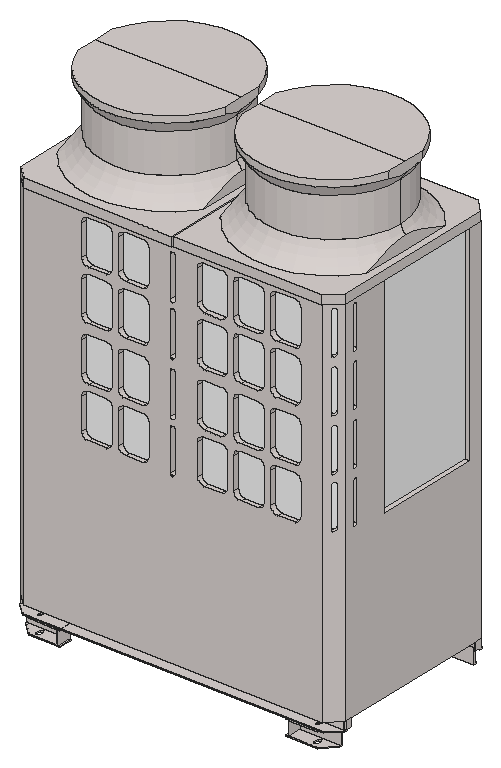
Revit family "PURY-EP450YNW-A1", category 機械設備, Revit 2016 (continued)
Dimensions and locks
  curve 88 to cut or joined group 1 (Extrusion 1, Extrusion 2, Extrusion 3, Extrusion 4, Extrusion 5, Extrusion 6, Extrusion 7, Extrusion 8, Extrusion 9, Extrusion 10, Extrusion 11, Extrusion 12, Extrusion 13, Extrusion 14, Extrusion 15, Extrusion 16, Extrusion 17, Extrusion 18, Extrusion 19, Extrusion 20, Extrusion 21, Extrusion 22, Extrusion 23, Extrusion 24, Extrusion 25, Extrusion 26, Extrusion 27, Extrusion 28, Extrusion 29, Extrusion 30, Extrusion 31, Extrusion 32, Extrusion 33) = 172.000 mm
  curve 89 to cut or joined group 1 = 216.000 mm
  cut or joined group 1 to curve 4 to curve 2 = 128.000 mm, 150.000 mm
  cut or joined group 1 to curve 1 to curve 3 = 79.000 mm, 94.000 mm
  Extrusion 32 sketch curve to nested 7 = 116.000 mm
  cut or joined group 1 to Extrusion 32 sketch curve = 160.000 mm
  cut or joined group 1 to Extrusion 33 sketch curve = 243.000 mm
  Extrusion 33 sketch curve to nested 7 = 116.000 mm
  aligned and locked: level to plane 2
  aligned and locked: Extrusion 1 to plane 4
Nested families
  nested 1: "FAN GUARD" at (-311.5, 0, 860), type "FAN GUARD"
    with WIDTH 870.000 mm
  nested 2: "FAN GUARD" at (311.5, 0, 860) x (-1, 0, 0) z (0, 0, 1), type "FAN GUARD"
    with WIDTH 870.000 mm
  nested 3: "ATTACHMENT LEG" at (-524, -349, 0), type "ATTACHMENT LEG"
  nested 4: "ATTACHMENT LEG" at (-524, 349, 0), type "ATTACHMENT LEG"
  nested 5: "ATTACHMENT LEG" at (524, -349, 0) x (-1, 0, 0) z (0, 0, 1), type "ATTACHMENT LEG"
  nested 6: "ATTACHMENT LEG" at (524, 349, 0) x (-1, 0, 0) z (0, 0, 1), type "ATTACHMENT LEG"
  nested 7: "BASE LEG_L_" at (0, -352, 60), type "BASE LEG_L_"
    with Width 1240.000 mm
  nested 8: "BASE LEG_L_" at (0, 352, 60), type "BASE LEG_L_"
    with Width 1240.000 mm
Connectors
  piping at (-460, -191, 176), diameter 22.2, driven by "High pressure pipe_radius"
    settings: on cut or joined group 1, index 3, connector inside diameter 22.2 mm, connector length 0.000 mm, flow factor 0, pipe flow 0.0 L/s, pressure drop 0.0 Pa, fitting loss kfactor 0, connector angle 0.00°, fixture units 0, engagement length 0.000 mm, angle of deflection 0.00°, flow configuration 0, flow direction 0, fitting loss method 0, system type 22, joint type 0, gender type 0, connector reference index -1, connector utility 0, adjustable connector no, is connector primary yes, connector description "Refrigerant service valve<High pressure>"
  piping at (-377, -191, 176), diameter 28.58, driven by "Low pressure pipe_radius"
    settings: on cut or joined group 1, index 4, connector inside diameter 28.58 mm, connector length 0.000 mm, flow factor 0, pipe flow 0.0 L/s, pressure drop 0.0 Pa, fitting loss kfactor 0, connector angle 0.00°, fixture units 0, engagement length 0.000 mm, angle of deflection 0.00°, flow configuration 0, flow direction 0, fitting loss method 0, system type 22, joint type 0, gender type 0, connector reference index -1, connector utility 0, adjustable connector no, is connector primary no, connector description "Refrigerant service valve<Low pressure>"
  electrical at (0, -370, 808), driven by "Phase", driven by "Voltage"
    settings: on cut or joined group 1, index 5, voltage 415 V, apparent load 0 VA, apparent load phase1 0 VA, apparent load phase2 0 VA, apparent load phase3 0 VA, power factor 1, load classification "HVAC", number of poles 3, system type 30, power factor state 1, is connector primary yes, connector utility no, sub classification motor no, connector description ""
Definition of nested family "FAN GUARD"
  Parameters
    WIDTH [instance] = 870.000 mm
  Reference planes
    plane 1 "中心(正面/背面)": y = 0
    plane 2: z = 0
    plane 3 "ファンガード基準面": z = 661
    plane 4: y = 368
    plane 5: x = 366
    plane 6: x = -375
    plane 7 "ファンガード基準上面": z = 695
    plane 8 "ファンガード上面": z = 998
    plane 9: x = -273.971
    plane 10: x = 308.5
    plane 11: x = -308.5
    plane 12: x = 0
  Forms (mm)
    Extrusion 1, solid
      sketch origin (85, 0, 661) x (-1, 0, 0) y (0, -1, 0)
        loop
          line (343.5, -368) -> (393.5, -318) -> (393.5, 322) -> (342.5, 373) -> (-223.5, 373) -> (-223.5, -368) -> (343.5, -368)
      from 0 to 34
    Revolve 2, solid
      sketch origin (0, 0, 0) x (1, 0, 0) y (0, 0, 1)
        loop
          line (0, 695) -> (0, 998) -> (-290, 998) -> (-290, 972.327) -> (-260, 928.372) -> (-260, 777.384)
          arc (-260, 777.384) -> (-290.651, 730.137) -> (-334.665, 695) r 175.882
          line (-334.665, 695) -> (0, 695)
        axis (0, 998) -> (0, 695)
      angle from 0 to 360
    Extrusion 3, void
      sketch origin (-840, 75, 695) x (-1, 0, 0) y (0, -1, 0)
        loop
          line (-410, -165) -> (-410, 315) -> (-561.253, 315) -> (-561.253, -165) -> (-410, -165)
      from -35 to 430.592
    Extrusion 4, void
      sketch origin (840, 75, 695) x (1, 0, 0) y (0, 1, 0)
        loop
          line (-410, 165) -> (-561.253, 165) -> (-561.253, -315) -> (-410, -315) -> (-410, 165)
      from 0 to 430.592
  Cuts and joins
    Extrusion 3, Extrusion 4 cuts Revolve 2
    Extrusion 4 cuts Extrusion 1
  Lines and regions (mm)
    model lines
      curve 1: line (-278.747, 0, 998) -> (-80, 0, 998)
      curve 2: line (80, 0, 998) -> (278.747, 0, 998)
      curve 3: circle (0, 0, 998) r 80 normal (0, 0, 1)
      curve 4: line (-278.747, -80, 998) -> (278.747, -80, 998)
      curve 5: line (-241.868, -160, 998) -> (241.868, -160, 998)
      curve 6: line (-162.788, -240, 998) -> (162.788, -240, 998)
      curve 7: line (-278.747, 80, 998) -> (278.747, 80, 998)
      curve 8: line (-241.868, 160, 998) -> (240, 160, 998)
      curve 9: line (-160, 240, 998) -> (162.788, 240, 998)
      curve 10: line (0, 290, 998) -> (0, -290, 998)
      curve 11: line (-20, 289.31, 998) -> (-20, -289.31, 998)
      curve 12: line (-40, 287.228, 998) -> (-40, -287.228, 998)
      curve 13: line (-60, 283.725, 998) -> (-60, -283.725, 998)
      curve 14: line (-80, 278.747, 998) -> (-80, -278.747, 998)
      curve 15: line (20, 289.31, 998) -> (20, -289.31, 998)
      curve 16: line (40, 287.228, 998) -> (40, -287.228, 998)
      curve 17: line (60, 283.725, 998) -> (60, -283.725, 998)
      curve 18: line (80, 278.747, 998) -> (80, -278.747, 998)
      curve 19: line (100, 272.213, 998) -> (100, -272.213, 998)
      curve 20: line (120, 264.008, 998) -> (120, -264.008, 998)
      curve 21: line (140, 253.969, 998) -> (140, -253.969, 998)
      curve 22: line (160, 241.868, 998) -> (160, -243.132, 998)
      curve 23: line (180, 227.376, 998) -> (180, -227.624, 998)
      curve 24: line (200, 210, 998) -> (200, -210, 998)
      curve 25: line (220, 188.944, 998) -> (220, -188.944, 998)
      curve 26: line (240, 160, 998) -> (240, -162.788, 998)
      curve 27: line (260, 128.452, 998) -> (260, -128.452, 998)
      curve 28: line (-100, 272.213, 998) -> (-100, -272.213, 998)
      curve 29: line (-120, 264.008, 998) -> (-120, -264.008, 998)
      curve 30: line (-140, 253.969, 998) -> (-140, -253.969, 998)
      curve 31: line (-160, 240, 998) -> (-160, -241.868, 998)
      curve 32: line (-180, 227.376, 998) -> (-180, -227.376, 998)
      curve 33: line (-200, 210, 998) -> (-200, -210, 998)
      curve 34: line (-220, 188.944, 998) -> (-220, -188.944, 998)
      curve 35: line (-240, 162.788, 998) -> (-240, -162.788, 998)
      curve 36: line (-260, 128.452, 998) -> (-260, -128.452, 998)
      curve 37: line (10, 79.373, 998) -> (10, -79.373, 998)
      curve 38: line (-10, 79.373, 998) -> (-10, -79.373, 998)
      curve 39: line (30, 74.162, 998) -> (30, -74.162, 998)
      curve 40: line (50, 62.45, 998) -> (50, -62.45, 998)
      curve 41: line (70, 38.73, 998) -> (70, -38.73, 998)
      curve 42: line (-30, 74.162, 998) -> (-30, -74.162, 998)
      curve 43: line (-50, 62.45, 998) -> (-50, -62.45, 998)
      curve 44: line (-70, 38.73, 998) -> (-70, -38.73, 998)
  Dimensions and locks
    locked: plane 8 "ファンガード上面" to plane 7 "ファンガード基準上面" at 303
    plane 8 "ファンガード上面" to plane 3 "ファンガード基準面" = 337.000 mm
    Revolve 2 sketch curve to Revolve 2 sketch curve = 290.000 mm
    Extrusion 1 sketch curve to Extrusion 1 sketch curve = 741.000 mm
    equal spacing: Extrusion 1 sketch curve, plane 1 "中心(正面/背面)", Extrusion 1 sketch curve
    plane 6 to plane 5 = 741.000 mm
    Extrusion 1 sketch curve to Extrusion 1 sketch curve = 617.000 mm
    plane 11 to plane 10 = 617.000 mm
    cut or joined group of Extrusion 1, Extrusion 4 to cut or joined group of Extrusion 1, Extrusion 4 = 617.000 mm
    cut or joined group of Extrusion 1, Extrusion 4 to cut or joined group of Extrusion 1, Extrusion 4 = 741.000 mm
    aligned and locked: level to plane 2
    aligned and locked: plane 7 "ファンガード基準上面" to Extrusion 1
    aligned and locked: plane 3 "ファンガード基準面" to Extrusion 1
    aligned and locked: cut or joined group of Revolve 2, Extrusion 3, Extrusion 4 to plane 8 "ファンガード上面"
Definition of nested family "ATTACHMENT LEG"
  Parameters
    Width = 145.000 mm
  Reference planes
    plane 1: z = 0
    plane 2 "中心(左/右)": x = -6
    plane 3: x = -52
    plane 4: x = 85
    plane 5: x = 93
    plane 6: y = -21
    plane 7: y = 27
    plane 8: x = -30
    plane 9: y = 39
    plane 10: z = 60
    plane 11: z = 57
    plane 12: z = 3
    plane 13: x = 82
    plane 14: y = 36
    plane 15: x = -75
    plane 16: y = 31
    plane 17 "幅": x = 93
    plane 18: y = 2.5
    plane 19: y = 21
    plane 20: y = -10
  Forms (mm)
    Extrusion 1, solid
      sketch origin (0, -1, 0) x (1, 0, 0) y (0, 1, 0)
        loop
          line (-75, 36) -> (-75, 27) -> (-28, -20) -> (93, -20) -> (93, 32) -> (85, 32) -> (85, 36) -> (-75, 36)
      from 0 to 60
    Extrusion 2, void
      sketch origin (0, -3, 0) x (1, 0, 0) y (0, 0, 1)
        loop
          line (-75, 57) -> (-75, 3) -> (82, 3) -> (82, 57) -> (-75, 57)
        loop
          line (93, 57) -> (85, 57) -> (85, 3) -> (93, 3) -> (93, 57)
      from -35 to 18
    Extrusion 3, void
      sketch origin (-6, 5.5, 0) x (1, 0, 0) y (0, 1, 0)
        loop
          arc (-7, -8.5) -> (0, -15.5) -> (7, -8.5) r 7
          line (7, -8.5) -> (7, 8.5)
          arc (7, 8.5) -> (0, 15.5) -> (-7, 8.5) r 7
          line (-7, 8.5) -> (-7, -8.5)
      from 0 to 60
  Cuts and joins
    Extrusion 2, Extrusion 3 cuts Extrusion 1
  Dimensions and locks
    locked: plane 3 to plane 4 at 137
    locked: plane 3 to plane 5 at 145
    plane 6 to plane 7 = 48.000 mm
    locked: plane 10 to level at 60
    Extrusion 3 sketch curve to plane 2 "中心(左/右)" = 7.000 mm
    locked: plane 15 to plane 2 "中心(左/右)" at 69
    locked: plane 15 to plane 8 at 45
    locked: plane 6 to plane 18 at 23.5
    cut or joined group of Extrusion 1, Extrusion 2, Extrusion 3 to cut or joined group of Extrusion 1, Extrusion 2, Extrusion 3 = 168.000 mm
    cut or joined group of Extrusion 1, Extrusion 2, Extrusion 3 to cut or joined group of Extrusion 1, Extrusion 2, Extrusion 3 = 56.000 mm  (x2)
    plane 14 to plane 6 = 57.000 mm
    aligned and locked: level to plane 1
    aligned and locked: Extrusion 1 sketch curve to plane 4
    aligned and locked: Extrusion 1 sketch curve to plane 5
    aligned: plane 8 to Extrusion 1 sketch curve
    aligned and locked: plane 10 to Extrusion 1
    aligned and locked: Extrusion 2 sketch curve to plane 11
    aligned: plane 3 to Extrusion 2 sketch curve
    aligned and locked: plane 12 to Extrusion 2 sketch curve
    aligned and locked: Extrusion 2 sketch curve to plane 13
    aligned and locked: plane 6 to Extrusion 2
    aligned and locked: plane 11 to Extrusion 2 sketch curve
    aligned and locked: plane 5 to Extrusion 2 sketch curve
    aligned and locked: Extrusion 2 sketch curve to plane 12
    aligned and locked: Extrusion 2 sketch curve to plane 4
    aligned and locked: plane 15 to Extrusion 1 sketch curve
    aligned and locked: Extrusion 2 sketch curve to cut or joined group of Extrusion 1, Extrusion 2, Extrusion 3
    aligned and locked: Extrusion 1 to plane 16
Definition of nested family "BASE LEG_L_"
  Parameters
    Width [instance] = 1240.000 mm
  Reference planes
    plane 1 "中心(正面/背面)": y = 0
    plane 2: z = 0
    plane 3 "中心(左/右)": x = 0
    plane 4: x = 620
    plane 5: x = -620
    plane 6: x = -530
    plane 7: x = 530
    plane 8: y = -18
    plane 9: y = 39
    plane 10: z = 53
    plane 11: y = 42
    plane 12: y = 27
    plane 13: x = 575
    plane 14: x = -575
    plane 15: z = 8
    plane 16: y = 11.5
    plane 17: z = 35
  Forms (mm)
    Extrusion 1, solid
      sketch origin (0, 0, 0) x (0, 1, 0) y (0, 0, 1)
        loop
          line (-18, 0) -> (36, 0) -> (36, 32) -> (56, 32) -> (56, 35) -> (33, 35) -> (33, 3) -> (-18, 3) -> (-18, 0)
      from -620 to 620
    Extrusion 2, void
      sketch origin (0, 0, 0) x (1, 0, 0) y (0, 1, 0)
        loop
          line (575, -18) -> (620, -18) -> (620, 27) -> (575, -18)
        loop
          line (-575, -18) -> (-620, 27) -> (-620, -18) -> (-575, -18)
      from 0 to 250
    Extrusion 3, void
      sketch origin (0, 12.023, 0) x (1, 0, 0) y (0, 1, 0)
        loop
          arc (523, -2.971) -> (530, -9.971) -> (537, -2.971) r 7
          line (537, -2.971) -> (537, 3.023)
          arc (537, 3.023) -> (530, 10.023) -> (523, 3.023) r 7
          line (523, 3.023) -> (523, -2.971)
        loop
          line (-523, -2.971) -> (-523, 3.023)
          arc (-523, 3.023) -> (-530, 10.023) -> (-537, 3.023) r 7
          line (-537, 3.023) -> (-537, -2.971)
          arc (-537, -2.971) -> (-530, -9.971) -> (-523, -2.971) r 7
      from 0 to 250
    Extrusion 4, solid
      sketch origin (0, 0, -3) x (1, 0, 0) y (0, 0, 1)
        loop
          line (617, 8) -> (620, 8) -> (620, 35) -> (617, 35) -> (617, 8)
        loop
          line (-617, 8) -> (-617, 35) -> (-620, 35) -> (-620, 8) -> (-617, 8)
      from -36 to -56
    Extrusion 5, solid
      sketch origin (150, 352, 0) x (1, 0, 0) y (0, 1, 0)
        loop
          line (460, -319) -> (455, -319) -> (455, -320) -> (405, -370) -> (410, -370) -> (460, -320) -> (460, -319)
      from 3 to 35
    Extrusion 6, void
      sketch origin (560, -18, 0) x (0.707107, 0.707107, 0) y (0, 0, 1)
        loop
          line (70.711, 3) -> (-6.741, 39.767) -> (-6.741, 3) -> (70.711, 3)
      from -190.256 to 23.776
    Extrusion 7, solid
      sketch origin (-150, 352, 0) x (-1, 0, 0) y (0, -1, 0)
        loop
          line (460, 319) -> (460, 320) -> (410, 370) -> (405, 370) -> (455, 320) -> (455, 319) -> (460, 319)
      from 3 to 35
    Extrusion 8, void
      sketch origin (-560, -18, 0) x (0.707107, -0.707107, 0) y (0, 0, -1)
        loop
          line (-70.711, -3) -> (0, -35) -> (6.741, -35) -> (6.741, -3) -> (-70.711, -3)
      from -190.256 to 23.776
  Cuts and joins
    Extrusion 2, Extrusion 3 cuts Extrusion 1
    joined: Extrusion 1, Extrusion 4
    Extrusion 8 cuts Extrusion 7
    Extrusion 6 cuts Extrusion 5
  Dimensions and locks
    "Width": plane 5 to plane 4
    equal spacing: plane 5, plane 3 "中心(左/右)", plane 4
    locked: plane 5 to plane 6 at 90
    locked: plane 7 to plane 4 at 90
    locked: plane 8 to plane 9 at 57
    locked: plane 10 to level at 53
    locked: plane 9 to plane 11 at 3
    plane 8 to plane 12 = 45.000 mm
    locked: plane 13 to plane 4 at 45
    locked: plane 5 to plane 14 at 45
    equal spacing: Extrusion 3 sketch curve, plane 7, Extrusion 3 sketch curve
    equal spacing: Extrusion 3 sketch curve, plane 6, Extrusion 3 sketch curve
    locked: plane 10 to plane 15 at 45
    locked: cut or joined group of Extrusion 1, Extrusion 2, Extrusion 3, Extrusion 4 to Extrusion 4 sketch curve at 3  (x2)
    locked: plane 8 to plane 16 at 29.5
    plane 8 to plane 11 = 60.000 mm
    cut or joined group of Extrusion 1, Extrusion 2, Extrusion 3, Extrusion 4 to cut or joined group of Extrusion 1, Extrusion 2, Extrusion 3, Extrusion 4 = 35.000 mm
    aligned and locked: level to plane 2
    aligned and locked: plane 8 to Extrusion 1 sketch curve
    aligned and locked: plane 4 to Extrusion 1
    aligned and locked: Extrusion 1 to plane 5
    aligned and locked: Extrusion 2 sketch curve to plane 4
    aligned and locked: Extrusion 2 sketch curve to plane 8
    aligned and locked: plane 12 to Extrusion 2 sketch curve
    aligned and locked: plane 13 to Extrusion 2 sketch curve
    aligned and locked: plane 4 to Extrusion 4 sketch curve
    aligned and locked: plane 5 to Extrusion 4 sketch curve
    aligned and locked: cut or joined group of Extrusion 7, Extrusion 8 to cut or joined group of Extrusion 1, Extrusion 2, Extrusion 3, Extrusion 4
  Automatic sketch dimensions
    Extrusion 3 sketch curve to plane 1 "中心(正面/背面)" = 9.052 mm  (x2)
    Extrusion 3 sketch curve to plane 7 = 7.000 mm
    Extrusion 3 sketch curve to plane 1 "中心(正面/背面)" = 15.046 mm  (x2)
    Extrusion 3 sketch curve to plane 6 = 7.000 mm
    Extrusion 2 sketch curve to plane 5 = 0.000 mm
    plane 8 to Extrusion 2 sketch curve = 0.000 mm
    Extrusion 2 sketch curve to plane 14 = 0.000 mm
    plane 12 to Extrusion 2 sketch curve = 0.000 mm
    Extrusion 4 sketch curve to plane 10 = 21.000 mm
    plane 7 to Extrusion 5 sketch curve = 25.000 mm
    Extrusion 5 sketch curve to Extrusion 5 sketch curve = 5.000 mm  (x2)
    plane 7 to Extrusion 5 sketch curve = 75.000 mm
    plane 8 to Extrusion 5 sketch curve = 0.000 mm
    Extrusion 5 sketch curve to Extrusion 5 sketch curve = 50.000 mm
    Extrusion 5 sketch curve to Extrusion 5 sketch curve = 0.000 mm
    Extrusion 5 sketch curve to Extrusion 5 sketch curve = 1.000 mm
    Extrusion 6 sketch curve to Extrusion 5 = 0.000 mm  (x2)
    Extrusion 6 sketch curve to Extrusion 5 = 6.741 mm
    Extrusion 6 sketch curve to Extrusion 5 = 4.767 mm
    plane 6 to Extrusion 7 sketch curve = 25.000 mm
    Extrusion 7 sketch curve to Extrusion 7 sketch curve = 5.000 mm  (x2)
    Extrusion 7 sketch curve to Extrusion 7 sketch curve = 45.000 mm
    Extrusion 7 sketch curve to plane 8 = 0.000 mm
    Extrusion 7 sketch curve to Extrusion 7 sketch curve = 50.000 mm
    Extrusion 7 sketch curve to Extrusion 7 sketch curve = 0.000 mm
    Extrusion 7 sketch curve to Extrusion 7 sketch curve = 1.000 mm
    Extrusion 8 sketch curve to Extrusion 7 = 0.000 mm  (x2)
    Extrusion 7 to Extrusion 8 sketch curve = 0.000 mm  (x2)
    Extrusion 7 to Extrusion 8 sketch curve = 6.741 mm
    Extrusion 4 sketch curve to plane 17 = 3.000 mm
    Extrusion 4 sketch curve to plane 15 = 3.000 mm  (x2)
    Extrusion 1 sketch curve to plane 17 = 0.000 mm
    Extrusion 1 sketch curve to level = 0.000 mm
    level to Extrusion 1 sketch curve = 3.000 mm
    plane 9 to Extrusion 1 sketch curve = 6.000 mm
    plane 9 to Extrusion 1 sketch curve = 3.000 mm
    Extrusion 1 sketch curve to plane 17 = 3.000 mm
    Extrusion 1 sketch curve to plane 11 = 14.000 mm
Types (6, lengths in mm): name | Voltage | ReplacementYear | InstallationDate | Hertz | Heating Rated Load Ampacity (A) | Heating Current Input (Nominal) (A) | Heating Current Input (A) | Cooling Rated Load Ampacity (A) | Cooling Current Input (A) | Category | Barcode | AssetIdentifier
  PURY-EP450YNW-A1_380V_50Hz | 380 V | "" | "" | 50 Hz | 24.6 | 20.5 | 24.6 | 23.3 | 23.3 | "" | "" | ""
  PURY-EP450YNW-A1_380V_60Hz | 380 V | "0" | "0" | 60 Hz | 24.6 | 20.5 | 24.6 | 23.3 | 23.3 | "0" | "0" | "0"
  PURY-EP450YNW-A1_400V_50Hz | 400 V | "0" | "0" | 50 Hz | 23.4 | 19.5 | 23.4 | 22.2 | 22.2 | "0" | "0" | "0"
  PURY-EP450YNW-A1_400V_60Hz | 400 V | "0" | "0" | 60 Hz | 23.4 | 19.5 | 23.4 | 22.2 | 22.2 | "0" | "0" | "0"
  PURY-EP450YNW-A1_415V_50Hz | 415 V | "0" | "0" | 50 Hz | 22.5 | 18.7 | 22.5 | 21.4 | 21.4 | "0" | "0" | "0"
  PURY-EP450YNW-A1_415V_60Hz | 415 V | "0" | "0" | 60 Hz | 22.5 | 18.7 | 22.5 | 21.4 | 21.4 | "0" | "0" | "0"
